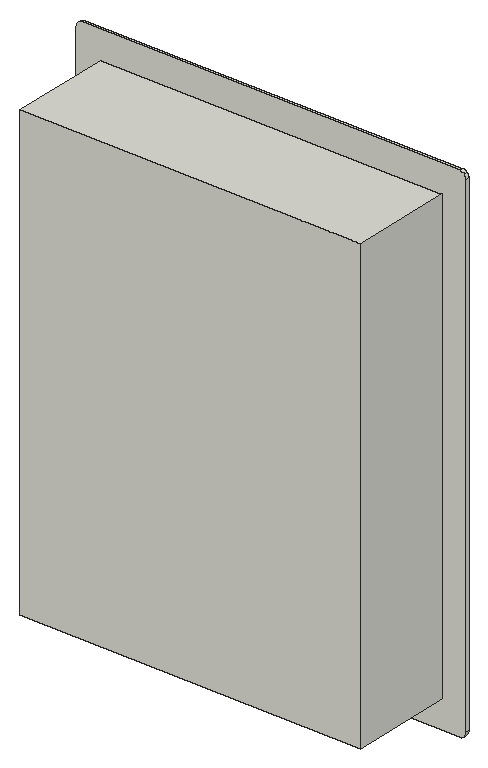
Revit family "Electrical-Box_FSR_WB-X_Recessed", category Electrical Fixtures, host Wall, Revit 2026
Family settings
  Host = Wall
  Round Connector Dimension = Use Diameter
  Part Type = Normal
  Classification Number = 23.85.10.17.11
  Always vertical = Yes
  Cut with Voids When Loaded = No
  Maintain Annotation Orientation = No
  Shared = No
  Room Calculation Point = No
Parameters (values of type "WB-X3-XLR")
  Warranty Duration (Years) = 0
  URL = "http://www.fsrinc.com/"
  Trim Material = Material and Finish as Specified in 26 27 26
  Send Message = ""
  Keynote = "26 27 26"
  Test Data = "ftp://doclib.fsrinc.com/"
  Specification = "http://www.arcat.com/specwizard/clients/fsrinc.html?coid=40389"
  Sales Information = "http://www.fsrinc.com/salesContacts.htm"
  Product Properties = ""
  Product Data = "http://www.arcat.com/arcatcos/cos40/arc40389.html"
  Model = "As Specified in 26 27 26"
  Glazing = Translucent Plastic
  Description = "Electrical Box as Specified in 26 27 26"
  Default Elevation = 0"
  Cover Width = 15.31"
  Cover Material = Material and Finish as Specified in 26 27 26
  Manufacturer Website = "http://www.fsrinc.com/"
  Manufacturer Phone - Toll Free = "800-332-3771"
  Manufacturer Phone = "973-785-4347"
  Manufacturer Fax = "973-785-4207"
  Manufacturer Address = "244 Bergen Blvd; West Paterson; NJ 07424"
  Manufacturer = "FSR Inc."
  Maintenance Schedule (Months) = 0
  Installation-Fabrication = "ftp://doclib.fsrinc.com/"
  Installation Phase = ""
  Gross Width = 13.38"
  Gross Projection = 1/4"
  Gross Height = 17 3/4"
  Gross Depth = 3 31/32"
  Green Building-LEED = "http://www.arcat.com/green/clients04/leed_data_40389.html"
  Expected Lifespan (Years) = 0
  Drawn By = "Robert S. Weygant, CSI, CDT, SCIP"  # constant formula
  Cover Height = 19.93"
  Copyright = "2009, ARCAT, Inc."  # constant formula
  Construction Details = "ftp://doclib.fsrinc.com/"
  Connections = ""
  Building Codes = "ftp://doclib.fsrinc.com/"
  Body Material = Material and Finish as Specified in 26 27 26
  Assembly Code = "D5020100"
Types (12): name | Cover Width | Gross Width | Gross Height | Cover Height
  WB-X3-XLR | 15.31" | 13.38" | 17 3/4" | 19.93"
  WB-X3-PLT | 14.31" | 12.38" | 16 3/4" | 18.93"
  WB-X3-IPS | 14.31" | 12.38" | 16 3/4" | 18.93"
  WB-X3-GNG | 14.31" | 12.38" | 16 3/4" | 18.93"
  WB-X2-XLR | 15.31" | 13.38" | 13.38" | 15.56"
  WB-X2-PLT | 14.31" | 12.38" | 12.38" | 14.56"
  WB-X2-IPS | 14.31" | 12.38" | 12.38" | 14.56"
  WB-X2-GNG | 14.31" | 12.38" | 12.38" | 14.56"
  WB-X1-XLR | 12.31" | 10.38" | 13.38" | 15.56"
  WB-X1-PLT | 11.31" | 9.38" | 12.38" | 14.56"
  WB-X1-IPS | 11.31" | 9.38" | 12.38" | 14.56"
  WB-X1-GNG | 11.31" | 9.38" | 12.38" | 14.56"
Reference planes (in)
  plane 1: y = 0
  plane 2 "Center (Left/Right)": x = 0.0468
  plane 3 "Wall Edge": y = 3
  plane 4 "Top": z = 82.67717
  plane 5: z = 64.92717
  plane 6 "Left": x = 6.7368
  plane 7 "Right": x = -6.6432
  plane 8: z = 73.80217
  plane 9: y = 3.25
  plane 10: y = 3
  plane 11: x = 7.7018
  plane 12: x = -7.6082
  plane 13: z = 83.76717
  plane 14: z = 63.83717
  plane 15: y = -0.96875
Forms (in)
  Extrusion 1, void
    sketch origin (0, 3, 0) x (1, 0, 0) y (0, 0, 1)
      loop
        line (6.7368, 82.67717) -> (-6.6432, 82.67717) -> (-6.6432, 64.92717) -> (6.7368, 64.92717) -> (6.7368, 82.67717)
    from 0 to 3.96875 <- "Gross Depth"
Text (in)
  text "Interior" at (0, 40.15149, 123.01588), in view "A 203 - Side Elevation"
  text "Interior" at (-70.3804, 41.28885, 0), in view "A-101 Plan View"
  text "Interior" at (0, 81.62555, 140.59947), in view "Left"
  text "Exterior" at (-70.3804, -27.04218, 0), in view "A-101 Plan View"
  text "Exterior" at (0, -34.75086, 140.59947), in view "Left"
  text "Exterior" at (0, -52.24725, 123.01588), in view "A 203 - Side Elevation"
Dimensions and locks (in)
  locked: plane 3 "Wall Edge" to host wall
  equal spacing: plane 5, plane 8, plane 4 "Top"
  equal spacing: plane 7 "Right", plane 2 "Center (Left/Right)", plane 6 "Left"
  "Gross Width": plane 7 "Right" to plane 6 "Left"
  "Gross Height": plane 5 to plane 4 "Top"
  "Gross Projection": plane 9 to plane 10
  equal spacing: plane 14, plane 8, plane 13
  "Cover Height": plane 14 to plane 13
  equal spacing: plane 12, plane 2 "Center (Left/Right)", plane 11
  "Cover Width": plane 12 to plane 11
  "Gross Depth": plane 15 to plane 10
  aligned and locked: plane 3 "Wall Edge" to plane 10
  aligned and locked: plane 6 "Left" to Extrusion 1 sketch curve
  aligned and locked: plane 4 "Top" to Extrusion 1 sketch curve
  aligned and locked: plane 5 to Extrusion 1 sketch curve
  aligned and locked: Extrusion 1 sketch curve to plane 7 "Right"
  aligned and locked: nested 1 to plane 2 "Center (Left/Right)"
  aligned and locked: plane 8 to nested 1
  aligned and locked: nested 1 to plane 10
Nested families (in)
  nested 1: "WB-X_Box_Recessed" at (0.0468, 3, 73.80217) x (-1, 0, 0) z (0, 0, 1), type "WB-X_Box_Recessed"
    with Cover Width 15.31", Cover Height 19.93", Back Box Width 13.38", Back Box Height 17 3/4", Back Box Depth 3 31/32"
Definition of nested family "WB-X_Box_Recessed"
  Parameters
    Default Elevation = 0"
    Cover Width = 11 79/256"
    Cover Height = 14 143/256"
    Cover = none
    Back Box Width = 9 97/256"
    Back Box Height = 12 97/256"
    Back Box Depth = 4"
    Back Box = none
  Reference planes (in)
    plane 1 "Center (Front/Back)": y = 0
    plane 2 "Center (Elevation)": z = 0
    plane 3 "Center (Left/Right)": x = 0
    plane 4: x = -5.6543
    plane 5: x = 5.6543
    plane 6: y = 4
    plane 7: x = -4.68945
    plane 8: x = 4.68945
    plane 9: z = 6.18945
    plane 10: z = 7.2793
    plane 11: z = -6.18945
    plane 12: z = -7.2793
    plane 13 "Face": y = -0.125
  Forms (in)
    Extrusion 1, solid, material <- "Back Box"
      sketch origin (-15.18294, 4, 48) x (-1, 0, 0) y (0, 0, 1)
        loop
          line (-10.49349, -41.81055) -> (-19.8724, -41.81055) -> (-19.8724, -54.18945) -> (-10.49349, -54.18945) -> (-10.49349, -41.81055)
      from 0 to -0.25
    Extrusion 2, solid, material <- "Back Box"
      sketch origin (0, 0, 0) x (1, 0, 0) y (0, 0, 1)
        loop
          line (-4.68945, 6.18945) -> (-4.68945, -6.18945) -> (4.68945, -6.18945) -> (4.68945, 6.18945) -> (-4.68945, 6.18945)
        loop
          line (-4.43945, 5.93945) -> (-4.43945, -5.93945) -> (4.43945, -5.93945) -> (4.43945, 5.93945) -> (-4.43945, 5.93945)
      from 0 to -4
    Extrusion 3, solid, material <- "Cover"
      sketch origin (0, 0, 0) x (1, 0, 0) y (0, 0, 1)
        loop
          arc (-5.4043, 7.2793) -> (-5.58107, 7.20607) -> (-5.6543, 7.0293) r 0.25
          line (-5.6543, 7.0293) -> (-5.6543, -7.0293)
          arc (-5.6543, -7.0293) -> (-5.58107, -7.20607) -> (-5.4043, -7.2793) r 0.25
          line (-5.4043, -7.2793) -> (5.4043, -7.2793)
          arc (5.4043, -7.2793) -> (5.58107, -7.20607) -> (5.6543, -7.0293) r 0.25
          line (5.6543, -7.0293) -> (5.6543, 7.0293)
          arc (5.6543, 7.0293) -> (5.58107, 7.20607) -> (5.4043, 7.2793) r 0.25
          line (5.4043, 7.2793) -> (-5.4043, 7.2793)
      from 0 to 0.125
  Cuts and joins
    joined: Extrusion 1, Extrusion 2
  Lines and regions (in)
    model lines, detail levels medium+fine
      curve 1: line (1.7707, -0.125, -5.4593) -> (-1.8125, -0.125, -5.4593)
      curve 2: line (-3.5668, -0.125, 5.9293) -> (3.525, -0.125, 5.9293)
      curve 3: line (3.7125, -0.125, 5.7418) -> (3.7125, -0.125, -5.7418)
      curve 4: arc (3.525, -0.125, 5.9293) -> (3.65758, -0.125, 5.87438) -> (3.7125, -0.125, 5.7418) r 0.1875
      curve 5: line (3.525, -0.125, -5.9293) -> (1.9582, -0.125, -5.9293)
      curve 6: arc (3.7125, -0.125, -5.7418) -> (3.65758, -0.125, -5.87438) -> (3.525, -0.125, -5.9293) r 0.1875
      curve 7: line (1.7707, -0.125, -5.7418) -> (1.7707, -0.125, -3.8368)
      curve 8: arc (1.9582, -0.125, -5.9293) -> (1.82562, -0.125, -5.87438) -> (1.7707, -0.125, -5.7418) r 0.1875
      curve 9: line (1.5832, -0.125, -3.6493) -> (-1.625, -0.125, -3.6493)
      curve 10: arc (1.7707, -0.125, -3.8368) -> (1.71579, -0.125, -3.70421) -> (1.5832, -0.125, -3.6493) r 0.1875
      curve 11: line (-1.8125, -0.125, -3.8368) -> (-1.8125, -0.125, -5.7418)
      curve 12: arc (-1.625, -0.125, -3.6493) -> (-1.75758, -0.125, -3.70421) -> (-1.8125, -0.125, -3.8368) r 0.1875
      curve 13: line (-2, -0.125, -5.9293) -> (-3.5668, -0.125, -5.9293)
      curve 14: arc (-1.8125, -0.125, -5.7418) -> (-1.86742, -0.125, -5.87438) -> (-2, -0.125, -5.9293) r 0.1875
      curve 15: line (-3.7543, -0.125, -5.7418) -> (-3.7543, -0.125, 5.7418)
      curve 16: arc (-3.5668, -0.125, -5.9293) -> (-3.69938, -0.125, -5.87438) -> (-3.7543, -0.125, -5.7418) r 0.1875
      curve 17: arc (-3.7543, -0.125, 5.7418) -> (-3.69938, -0.125, 5.87438) -> (-3.5668, -0.125, 5.9293) r 0.1875
  Dimensions and locks (in)
    equal spacing: plane 4, plane 3 "Center (Left/Right)", plane 5
    "Cover Width": plane 4 to plane 5
    equal spacing: plane 7, plane 3 "Center (Left/Right)", plane 8
    "Back Box Width": plane 7 to plane 8
    "Back Box Depth": plane 1 "Center (Front/Back)" to plane 6
    equal spacing: plane 9, level, plane 11
    equal spacing: plane 10, level, plane 12
    "Back Box Height": plane 9 to plane 11
    "Cover Height": plane 10 to plane 12
    locked: plane 5 to nested 1 at 3
    locked: plane 1 "Center (Front/Back)" to plane 13 "Face" at 0.125
    plane 5 to curve 3 to curve 7 = 1.9418" locked, 1.9418" locked
    curve 11 to curve 15 to plane 4 = 1.9418" locked, 1.9" locked
    aligned and locked: plane 6 to Extrusion 2
    aligned and locked: level to nested 1
    aligned and locked: plane 13 "Face" to nested 1
  Automatic sketch dimensions
    Extrusion 2 sketch curve to plane 7 = 0"
    Extrusion 2 sketch curve to plane 8 = 0"
    Extrusion 2 sketch curve to plane 11 = 0"
    Extrusion 2 sketch curve to plane 9 = 0"
    Extrusion 2 sketch curve to plane 8 = 1/4"
    Extrusion 2 sketch curve to plane 9 = 1/4"
    plane 7 to Extrusion 2 sketch curve = 1/4"
    plane 11 to Extrusion 2 sketch curve = 1/4"
    Extrusion 1 sketch curve to plane 8 = 0"
    Extrusion 1 sketch curve to plane 7 = 0"
    Extrusion 1 sketch curve to plane 11 = 0"
    Extrusion 1 sketch curve to plane 9 = 0"
    Extrusion 3 sketch curve to plane 4 = 0"
    Extrusion 3 sketch curve to plane 12 = 0"
    Extrusion 3 sketch curve to plane 10 = 0"
    Extrusion 3 sketch curve to plane 5 = 0"
    plane 4 to Extrusion 3 sketch curve = 1/4"  (x2)
    Extrusion 3 sketch curve to plane 5 = 1/4"
    Extrusion 3 sketch curve to Extrusion 3 sketch curve = 1/4"
    curve 4 to curve 2 = 3/16"
    curve 3 to curve 6 = 3/16"
    curve 8 to curve 7 = 3/16"
    curve 7 to curve 10 = 3/16"
    curve 11 to curve 13 = 3/16"
    curve 13 to curve 15 = 3/16"
    curve 2 to curve 15 = 3/16"
    plane 11 to curve 8 = 0.26016"
    plane 11 to curve 16 = 0.26016"
    curve 11 to curve 1 = 0.2825"
    curve 1 to curve 10 = 1.6225"
    curve 1 to curve 11 = 1.6225"
    curve 4 to plane 9 = 0.44766"
  Nested families (in)
    nested 1: "WB-X_Handle" at (2.6543, -0.125, 0) x (-1, 0, 0) z (0, 0, 1), type "WB-X_Handle", detail levels medium+fine
  Definition of nested family "WB-X_Handle"
    Parameters
      Material = none
      Default Elevation = 0"
    Reference planes (in)
      plane 1 "Center (Front/Back)": y = 0
      plane 2 "Center (Elevation)": z = 0
      plane 3 "Center (Left/Right)": x = 0
    Forms (in)
      Revolve 1, solid, material <- "Material"
        sketch origin (0, 0, 0) x (0, 1, 0) y (0, 0, 1)
          loop
            line (0.603, 0) -> (0.603, 0.1908)
            arc (0.603, 0.1908) -> (0.56929, 0.27468) -> (0.48692, 0.31191) r 0.12122
            line (0.48692, 0.31191) -> (0.142, 0.32655) -> (0.142, 0.358) -> (0.064, 0.436) -> (0, 0.436) -> (0, 0) -> (0.603, 0)
          axis (0.603, 0) -> (0, 0)
        angle from 0 to 360
      Extrusion 2, solid, material <- "Material"
        sketch origin (0, 0, 0) x (0, 1, 0) y (0, 0, 1)
          loop
            line (0.167, -0.20142) -> (0.167, -0.38659) -> (0.072, -0.48159) -> (0.072, -1.28) -> (0.5782, -1.09576) -> (0.5782, -0.20142) -> (0.167, -0.20142)
        from 0.0625 to -0.0625
    Cuts and joins
      joined: Revolve 1, Extrusion 2
